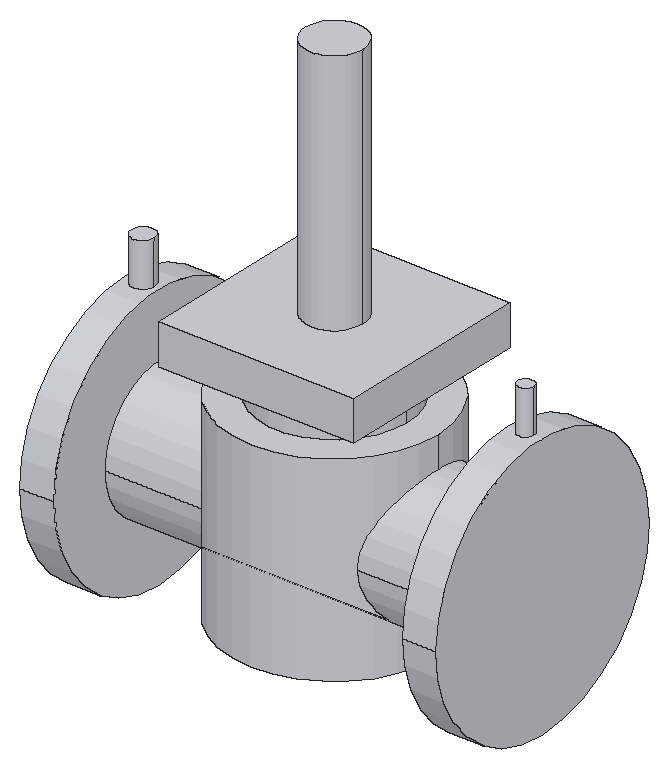
Revit family "OPTIMA_Compact_FLANGE_PN25_DN065-LF_RFA_2018", category Pipe Accessories, Revit 2018
Family settings
  Round Connector Dimension = Use Diameter
  Part Type = Valve - Breaks Into
  Work Plane-Based = No
  Always vertical = Yes
  Cut with Voids When Loaded = No
  Shared = No
Parameters (values of type "Optima Compact Flange PN25 DN065 LF")
  magiProductId = "Frese Optima Flange DN065 LF"
  magiProductFamilyId = "Frese Optima Flange *"
  magiPartTypeId = 304
  isMeasuringValve [instance] = no
  ang2D [instance] = 0.00°
  W2D = 50 mm
  VersionID = "2.0/2018.8.28.1/FRESE_OPTIMA_FLANGE_Q13_002"
  Use Minimum Symbol Size [instance] = yes
  URL = "www.hydronic.cz"
  Type Comments = "Přírubový; PN25; 0~120°C, s měřením"
  R4 = 50.75 mm
  R3 = 48.1 mm
  R1 = 72.5 mm
  QmdConnectorList = "301;D;302;D"
  Productdata [instance] = ""
  Manufacturer = "Hydronic Systems Prague s.r.o."
  MC Product Code = "53-1221 (DN65 LF; 20mm; pohon min 1000N; Qmin-dpmin 4400l/h-15.0kPa; Qmax-dpmin 25000l/h-25.0kPa; dpmax 800kPa)"
  MC Piping Given Pressure Drop [instance] = 0.0 Pa
  LF__ve = -LF  # -23.2 mm
  LF2 = 11.6 mm
  LF = 23.2 mm
  L4 = 136.3 mm
  L3 = 243.6 mm
  L2D_Min = 3048 mm
  L2D = 230 mm
  L2 = 145 mm
  H6 = 171.25 mm
  H4 = 27.75 mm
  H3 = 23.125 mm
  H2 = 69.375 mm
  H1 = 138.75 mm
  Description = "Tlakově nezávislý 2-cestný regulační vyvažovací ventil (PICV)"
  DF2 = 92.5 mm
  D = 65 mm
  CAT0 = yes
Types (14, lengths in mm): name | magiProductId | magiProductFamilyId | W2D | Type Comments | R4 | R3 | R1 | MC Product Code | LF__ve | LF2 | LF | L4 | L3 | L2D | L2 | H6 | H4 | H3 | H2 | H1 | DF2 | D
  Optima Compact Flange PN25 DN050 LF | "Frese Optima Flange DN050 LF" | "Frese Optima Flange *" | 50 | "Přírubový; PN25; 0~120°C, s měřením" | 40.3 | 42.9 | 57.5 | "53-1220 (DN50 LF; 20mm; pohon min 1000N; Qmin-dpmin 2500l/h-6.5kPa; Qmax-dpmin 15000l/h-20.0kPa; dpmax 800kPa)" | -18.4 | 9.2 | 18.4 | 108.1 | 193.2 | 230 | 115 | 157.3 | 24.8 | 20.6 | 61.9 | 123.8 | 82.5 | 50
  Optima Compact Flange PN25 DN050 HF | "Frese Optima Flange DN050 HF" | "Frese Optima Flange *" | 50 | "Přírubový; PN25; 0~120°C, s měřením" | 40.25 | 42.9 | 57.5 | "53-1230 (DN50 HF; 20mm; pohon min 1000N; Qmin-dpmin 3900l/h-19.0kPa; Qmax-dpmin 24000l/h-50.0kPa; dpmax 800kPa)" | -18.4 | 9.2 | 18.4 | 108.1 | 193.2 | 230 | 115 | 157.25 | 24.75 | 20.625 | 61.875 | 123.75 | 82.5 | 50
  Optima Compact Flange PN25 DN065 LF | "Frese Optima Flange DN065 LF" | "Frese Optima Flange *" | 50 | "Přírubový; PN25; 0~120°C, s měřením" | 50.75 | 48.1 | 72.5 | "53-1221 (DN65 LF; 20mm; pohon min 1000N; Qmin-dpmin 4400l/h-15.0kPa; Qmax-dpmin 25000l/h-25.0kPa; dpmax 800kPa)" | -23.2 | 11.6 | 23.2 | 136.3 | 243.6 | 230 | 145 | 171.25 | 27.75 | 23.125 | 69.375 | 138.75 | 92.5 | 65
  Optima Compact Flange PN25 DN065 HF | "Frese Optima Flange DN065 HF" | "Frese Optima Flange *" | 50 | "Přírubový; PN25; 0~120°C, s měřením" | 50.75 | 48.1 | 72.5 | "53-1231 (DN65 HF; 20mm; pohon min 1000N; Qmin-dpmin 6000l/h-30.0kPa; Qmax-dpmin 35000l/h-55.0kPa; dpmax 800kPa)" | -23.2 | 11.6 | 23.2 | 136.3 | 243.6 | 230 | 145 | 171.25 | 27.75 | 23.125 | 69.375 | 138.75 | 92.5 | 65
  Optima Compact Flange PN25 DN080 LF | "Frese Optima Flange DN080 LF" | "Frese Optima Flange *" | 50 | "Přírubový; PN25; 0~120°C, s měřením" | 54.25 | 52 | 77.5 | "53-1222 (DN80 LF; 20mm; pohon min 1000N; Qmin-dpmin 5300l/h-16.0kPa; Qmax-dpmin 34000l/h-25.0kPa; dpmax 800kPa)" | -24.8 | 12.4 | 24.8 | 145.7 | 260.4 | 230 | 155 | 183 | 30 | 25 | 75 | 150 | 100 | 80
  Optima Compact Flange PN25 DN080 HF | "Frese Optima Flange DN080 HF" | "Frese Optima Flange *" | 50 | "Přírubový; PN25; 0~120°C, s měřením" | 54.25 | 52 | 77.5 | "53-1232 (DN80 HF; 20mm; pohon min 1000N; Qmin-dpmin 7000l/h-23.0kPa; Qmax-dpmin 43000l/h-50.0kPa; dpmax 800kPa)" | -24.8 | 12.4 | 24.8 | 145.7 | 260.4 | 230 | 155 | 183 | 30 | 25 | 75 | 150 | 100 | 80
  Optima Compact Flange PN25 DN100 LF | "Frese Optima Flange DN100 LF" | "Frese Optima Flange *" | 50 | "Přírubový; PN25; 0~120°C, s měřením" | 61.25 | 61.1 | 87.5 | "53-1223 (DN100 LF; 40mm; pohon min 1000N; Qmin-dpmin 12100l/h-20.0kPa; Qmax-dpmin 68000l/h-35.0kPa; dpmax 800kPa)" | -28 | 14 | 28 | 164.5 | 294 | 230 | 175 | 268.75 | 35.25 | 29.375 | 88.125 | 176.25 | 117.5 | 100
  Optima Compact Flange PN25 DN100 HF | "Frese Optima Flange DN100 HF" | "Frese Optima Flange *" | 50 | "Přírubový; PN25; 0~120°C, s měřením" | 61.25 | 61.1 | 87.5 | "53-1233 (DN100 HF; 40mm; pohon min 1000N; Qmin-dpmin 14800l/h-30.0kPa; Qmax-dpmin 90000l/h-75.0kPa; dpmax 800kPa)" | -28 | 14 | 28 | 164.5 | 294 | 230 | 175 | 268.75 | 35.25 | 29.375 | 88.125 | 176.25 | 117.5 | 100
  Optima Compact Flange PN25 DN125 LF | "Frese Optima Flange DN125 LF" | "Frese Optima Flange *" | 50 | "Přírubový; PN25; 0~120°C, s měřením" | 70 | 70.2 | 100 | "53-1224 (DN125 LF; 40mm; pohon min 1000N; Qmin-dpmin 18500l/h-16.0kPa; Qmax-dpmin 110000l/h-35.0kPa; dpmax 800kPa)" | -32 | 16 | 32 | 188 | 336 | 230 | 200 | 275.5 | 40.5 | 33.75 | 101.25 | 202.5 | 135 | 125
  Optima Compact Flange PN25 DN125 HF | "Frese Optima Flange DN125 HF" | "Frese Optima Flange *" | 50 | "Přírubový; PN25; 0~120°C, s měřením" | 70 | 70.2 | 100 | "53-1234 (DN125 HF; 40mm; pohon min 1000N; Qmin-dpmin 23000l/h-27.0kPa; Qmax-dpmin 135000l/h-53.0kPa; dpmax 800kPa)" | -32 | 16 | 32 | 188 | 336 | 230 | 200 | 275.5 | 40.5 | 33.75 | 101.25 | 202.5 | 135 | 125
  Optima Compact Flange PN25 DN150 LF | "Frese Optima Flange DN150 LF" | "Frese Optima Flange *" | 50 | "Přírubový; PN25; 0~110°C, s měřením" | 84 | 74.1 | 120 | "53-1225 (DN150 LF; 43mm; pohon min 1500N; Qmin-dpmin 25600l/h-21.0kPa; Qmax-dpmin 148000l/h-35.0kPa; dpmax 800kPa)" | -38.4 | 19.2 | 38.4 | 225.6 | 403.2 | 230 | 240 | 279.25 | 42.75 | 35.625 | 106.875 | 213.75 | 142.5 | 150
  Optima Compact Flange PN25 DN150 HF | "Frese Optima Flange DN150 HF" | "Frese Optima Flange *" | 50 | "Přírubový; PN25; 0~110°C, s měřením" | 84 | 74.1 | 120 | "53-1235 (DN150 HF; 43mm; pohon min 1500N; Qmin-dpmin 32000l/h-33.0kPa; Qmax-dpmin 195000l/h-65.0kPa; dpmax 800kPa)" | -38.4 | 19.2 | 38.4 | 225.6 | 403.2 | 230 | 240 | 279.25 | 42.75 | 35.625 | 106.875 | 213.75 | 142.5 | 150
  Optima Compact Flange PN25 DN200 LF | "" | "" | 100 | "Přírubový; PN25; 0~110°C, s měřením" | 164.5 | 98.8 | 235 | "53-1226 (DN200 LF; 43mm; pohon min 1500N; Qmin-dpmin 95000l/h-11.0kPa; Qmax-dpmin 210000l/h-32.0kPa; dpmax 800kPa)" | -48 | 24 | 48 | 282 | 504 | 350 | 300 | 281 | 57 | 15 | 209 | 380 | 190 | 200
  Optima Compact Flange PN25 DN200 HF | "" | "" | 100 | "Přírubový; PN25; 0~110°C, s měřením" | 164.5 | 98.8 | 235 | "53-1236 (DN200 HF; 43mm; pohon min 1500N; Qmin-dpmin 130000l/h-31.0kPa; Qmax-dpmin 280000l/h-78.0kPa; dpmax 800kPa)" | -48 | 24 | 48 | 282 | 504 | 350 | 300 | 281 | 57 | 15 | 209 | 380 | 190 | 200
Reference planes
  plane 1 "Center (Front/Back)": y = 0
  plane 2 "XYPLANE": z = 0
  plane 3 "Center (Left/Right)": x = 0
  plane 4 "157": x = 133.4
  plane 5 "156": x = -133.4
  plane 6 "155": z = 92.5
  plane 7 "154": z = 120.25
  plane 8 "153": z = 92.5
  plane 9 "152": z = 69.375
  plane 10 "151": x = -121.8
  plane 11 "150": z = -69.375
  plane 12 "149": x = 0
  plane 13 "148": y = 0
  plane 14 "147": z = 0
  plane 15 "146": x = -145
  plane 16 "145": x = 145
Forms (mm)
  Extrusion 1, solid, visible <- "CAT0"
    sketch origin (-750, 0, 92.5) x (1, 0, 0) y (0, 1, 0)
      loop
        circle (883.4, 0) r 5.5
    from 0 to 30
  Extrusion 2, solid, visible <- "CAT0"
    sketch origin (-750, 0, 92.5) x (1, 0, 0) y (0, 1, 0)
      loop
        circle (616.6, 0) r 7.9
    from 0 to 30
  Extrusion 3, solid, visible <- "CAT0"
    sketch origin (-750, 0, 120.25) x (1, 0, 0) y (0, 1, 0)
      loop
        circle (750, 0) r 20
    from 0 to 171.25 <- "H6"
  Extrusion 4, solid, visible <- "CAT0"
    sketch origin (-750, 0, 92.5) x (1, 0, 0) y (0, 1, 0)
      loop
        line (818.15, 68.15) -> (681.85, 68.15) -> (681.85, -68.15) -> (818.15, -68.15) -> (818.15, 68.15)
    from 0 to 27.75 <- "H4"
  Extrusion 5, solid, visible <- "CAT0"
    sketch origin (-750, 0, 69.375) x (1, 0, 0) y (0, 1, 0)
      loop
        circle (750, 0) r 50.75
    from 0 to 23.125 <- "H3"
  Extrusion 6, solid, visible <- "CAT0"
    sketch origin (-121.8, -750, 0) x (0, 1, 0) y (0, 0, 1)
      loop
        circle (750, 0) r 48.1
    from 0 to 243.6 <- "L3"
  Extrusion 7, solid, visible <- "CAT0"
    sketch origin (-750, 0, -69.375) x (1, 0, 0) y (0, 1, 0)
      loop
        circle (750, 0) r 72.5
    from 0 to 138.75 <- "H1"
  Extrusion 8, solid, visible <- "CAT0"
    sketch origin (-145, -750, 0) x (0, 1, 0) y (0, 0, 1)
      loop
        circle (750, 0) r 92.5
    from 0 to 23.2 <- "LF"
  Extrusion 9, solid, visible <- "CAT0"
    sketch origin (145, -750, 0) x (0, 1, 0) y (0, 0, 1)
      loop
        circle (750, 0) r 92.5
    from 0 to -23.2 <- "LF__ve"
  Extrusion 10, solid, not visible
    sketch origin (-145, -750, 0) x (0, 1, 0) y (0, 0, 1)
      loop
        circle (750, 0) r 10
    from 0 to 10
  Extrusion 11, solid, not visible
    sketch origin (145, -750, 0) x (0, 1, 0) y (0, 0, 1)
      loop
        circle (750, 0) r 10
    from 0 to -10
Lines and regions (mm)
  reference lines, not visible
    curve 1: circle (2, 2, 0) r 1 normal (0, 0, 1)
  reference lines
    curve 2: circle (0, 0, 92.5) r 1 normal (0, 0, 1)
Dimensions and locks
  plane 1 "Center (Front/Back)" to curve 1 = 2 mm
  "LF2": plane 16 "145" to plane 4 "157"
  "LF2": plane 15 "146" to plane 5 "156"
  "DF2": plane 2 "XYPLANE" to plane 6 "155"
  "H4": plane 8 "153" to plane 7 "154"
  "H3": plane 9 "152" to plane 8 "153"
  "H1": plane 11 "150" to plane 9 "152"
  "LF": plane 15 "146" to plane 10 "151"
  "H2": plane 2 "XYPLANE" to plane 11 "150"
  locked: plane 3 "Center (Left/Right)" to plane 12 "149"
  locked: plane 1 "Center (Front/Back)" to plane 13 "148"
  locked: plane 2 "XYPLANE" to plane 14 "147"
  "L2": plane 3 "Center (Left/Right)" to plane 15 "146"
  "L2": plane 3 "Center (Left/Right)" to plane 16 "145"
  equal spacing: Extrusion 4 sketch curve, curve 2, Extrusion 4 sketch curve  (x2)
  "L4": Extrusion 4 sketch curve to Extrusion 4 sketch curve  (x2)
  Extrusion 4 sketch curve to Extrusion 4 sketch curve = 0 mm  (x8)
  "R4": radius of Extrusion 5 sketch curve
  "R3": radius of Extrusion 6 sketch curve
  "R1": radius of Extrusion 7 sketch curve
  "DF2": radius of Extrusion 8 sketch curve
  "DF2": radius of Extrusion 9 sketch curve
  aligned and locked: level to plane 2 "XYPLANE"
  aligned and locked: plane 4 "157" to Extrusion 1 sketch curve
  aligned and locked: plane 13 "148" to Extrusion 1 sketch curve
  aligned and locked: plane 5 "156" to Extrusion 2 sketch curve
  aligned and locked: plane 13 "148" to Extrusion 2 sketch curve
  aligned and locked: plane 12 "149" to Extrusion 3 sketch curve
  aligned and locked: plane 13 "148" to Extrusion 3 sketch curve
  aligned and locked: plane 12 "149" to curve 2
  aligned and locked: plane 13 "148" to curve 2
  aligned and locked: plane 12 "149" to Extrusion 5 sketch curve
  aligned and locked: plane 13 "148" to Extrusion 5 sketch curve
  aligned and locked: Extrusion 6 sketch curve to plane 13 "148"
  aligned and locked: plane 14 "147" to Extrusion 6 sketch curve
  aligned and locked: plane 12 "149" to Extrusion 7 sketch curve
  aligned and locked: plane 13 "148" to Extrusion 7 sketch curve
  aligned and locked: Extrusion 8 sketch curve to plane 13 "148"
  aligned and locked: plane 14 "147" to Extrusion 8 sketch curve
  aligned and locked: Extrusion 9 sketch curve to plane 13 "148"
  aligned and locked: plane 14 "147" to Extrusion 9 sketch curve
  aligned and locked: Extrusion 10 sketch curve to plane 13 "148"
  aligned and locked: plane 14 "147" to Extrusion 10 sketch curve
  aligned and locked: Extrusion 11 sketch curve to plane 13 "148"
  aligned and locked: plane 14 "147" to Extrusion 11 sketch curve
Automatic sketch dimensions
  Extrusion 1 sketch curve to plane 4 "157" = 5.5 mm
  plane 15 "146" to Extrusion 2 sketch curve = 3.7 mm
  Extrusion 3 sketch curve to plane 3 "Center (Left/Right)" = 20 mm
  plane 1 "Center (Front/Back)" to Extrusion 10 sketch curve = 10 mm
  plane 1 "Center (Front/Back)" to Extrusion 11 sketch curve = 10 mm
  plane 3 "Center (Left/Right)" to curve 1 = 2 mm
  plane 10 "151" to Extrusion 4 sketch curve = 53.65 mm
  plane 1 "Center (Front/Back)" to Extrusion 4 sketch curve = 68.15 mm
  radius of curve 2 = 1 mm
  radius of curve 1 = 1 mm
Connectors
  piping at (-145, 0, 0), diameter 65, driven by "D"
    settings: on Extrusion 10, index 1, connector inside diameter 609.6 mm, connector length 0 mm, flow factor 0, pipe flow 0.0 L/s, pressure drop 0.0 Pa, fitting loss kfactor 0, connector angle 0.00°, fixture units 0, engagement length 0 mm, angle of deflection 0.00°, flow configuration 0, flow direction 0, fitting loss method 0, system type 29, joint type 0, gender type 0, connector reference index 2, connector utility 0, adjustable connector no, is connector primary yes, connector description ""
  piping at (145, 0, 0), diameter 65, driven by "D"
    settings: on Extrusion 11, index 2, connector inside diameter 609.6 mm, connector length 0 mm, flow factor 0, pipe flow 0.0 L/s, pressure drop 0.0 Pa, fitting loss kfactor 0, connector angle 0.00°, fixture units 0, engagement length 0 mm, angle of deflection 0.00°, flow configuration 0, flow direction 0, fitting loss method 0, system type 29, joint type 0, gender type 0, connector reference index 1, connector utility 0, adjustable connector no, is connector primary no, connector description ""
